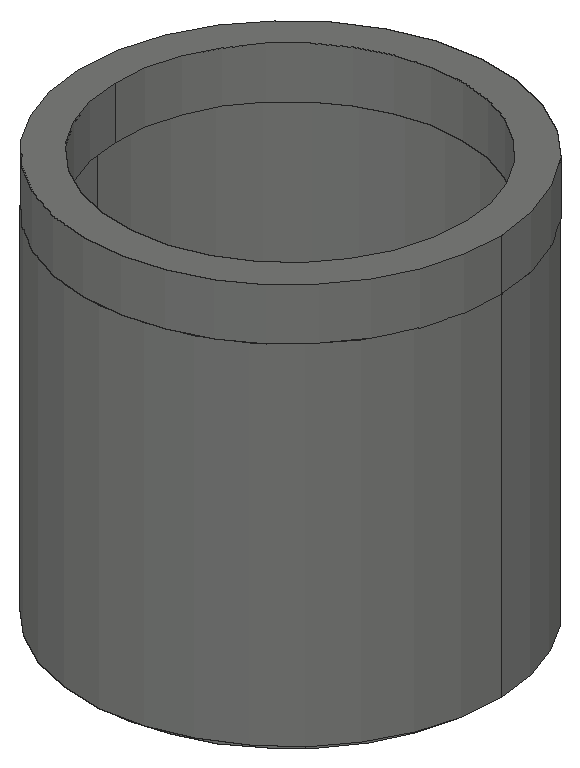
Revit family "Specialty_Equipment-Planter-Planters_Unlimited-Modern-Round-bk5", category Specialty Equipment, Revit 2021
Family settings
  Round Connector Dimension = Use Diameter
  Part Type = Normal
  OmniClass Number = 23.40.05.21.17
  OmniClass Title = Planters
  Work Plane-Based = No
  Always vertical = Yes
  Cut with Voids When Loaded = No
  Shared = No
  Room Calculation Point = No
Parameters (values of type "default load type catalog")
  URL = "https://www.plantersunlimited.com"
  Type Comments = "Round Planter"  # constant formula
  Model = "Modern Series Planters"  # constant formula
  Manufacturer = "Planters Unlimited"  # constant formula
  Description = "Modular Planting Bed"  # constant formula
  Default Elevation = 0' - 0"
  CD_Specification = "https://www.plantersunlimited.com/content/2024-07-10-fg-pu-guide-specifications.pdf"
  CD_Diameter Min = 1' - 6"  # constant formula
  CD_Diameter Max = 6' - 0"  # constant formula
  CD_Requested Diameter = 2' - 0"
  CD_Requested Height = 2' - 0"
  CD_Product Page URL = "https://www.plantersunlimited.com/modern-fiberglass-round-planter/"
  CD_Product Name [instance] = "Modern Planter"  # constant formula
  CD_Offset = 0' - 0"
  CD_Microsite = "https://www.caddetails.com/3404"
  CD_Diameter = if(CD_Requested Diameter < CD_Diameter Min, CD_Diameter Min, if(CD_Requested Diameter > CD_Diameter Max, CD_Diameter Max, CD_Requested Diameter))  # 2' - 0"
  CD_Height Min = 1' - 6"  # constant formula
  CD_Height Max = 4' - 0"  # constant formula
  CD_Height = if(CD_Requested Height < CD_Height Min, CD_Height Min, if(CD_Requested Height > CD_Height Max, CD_Height Max, CD_Requested Height))  # 2' - 0"
  CD_Finish = Plastic-Fiberglass-Carlsbad-Semi_Gloss-Charcoal
  CD_Created By = "CADdetails LTD. 2024"  # constant formula
  CD_Caster Set = yes
  Assembly Code = "G2050600"
Reference planes (in)
  plane 1 "Center (Front/Back)": y = 0
  plane 2: z = 0
  plane 3 "Center (Left/Right)": x = 0
  plane 4 "Left": x = 12
  plane 5 "Right": x = -12
  plane 6 "Front": y = 12
  plane 7 "Back": y = -12
  plane 8 "Top": z = 24
  plane 9 "Bottom of Bin": z = 0
  plane 10 "Bottom of Planter": z = 0
  plane 11 "Bottom of Bed": z = 0.5
  plane 12 "Stiffner": z = 12
Forms (in)
  Extrusion 1, solid, material "Plastic-Fiberglass-Carlsbad-Semi_Gloss-Charcoal" <- "CD_Finish"
    sketch origin (0, 0, 24) x (-1, 0, 0) y (0, -1, 0)
      loop
        circle (0, 0) r 12
      loop
        circle (0, 0) r 11
    from -23.5 to -3
  Extrusion 2, solid, material "Plastic-Fiberglass-Carlsbad-Semi_Gloss-Charcoal" <- "CD_Finish"
    sketch origin (0, 0, 24) x (-1, 0, 0) y (0, -1, 0)
      loop
        circle (0, 0) r 12
      loop
        circle (0, 0) r 10
    from -3 to 0
  Extrusion 3, solid, material "Plastic-Fiberglass-Carlsbad-Semi_Gloss-Charcoal" <- "CD_Finish", detail levels medium+fine
    sketch origin (0, 0, 24) x (-1, 0, 0) y (0, -1, 0)
      loop
        circle (0, 0) r 11.5
    from -23.875 to -23.5
  Extrusion 4, solid, material "Plastic-Fiberglass-Carlsbad-Semi_Gloss-Charcoal" <- "CD_Finish", detail levels fine
    sketch origin (0, 0, 24) x (-1, 0, 0) y (0, -1, 0)
      loop
        circle (0, 0) r 11.5
      loop
        circle (0, 0) r 10.5
    from -12.125 to -12
  Extrusion 5, solid, material "Plastic-Fiberglass-Carlsbad-Semi_Gloss-Charcoal" <- "CD_Finish", detail levels fine
    sketch origin (0, 0, 24) x (-1, 0, 0) y (0, -1, 0)
      loop
        line (1.5, -8) -> (-1.5, -8) -> (-1.5, -11) -> (1.5, -11) -> (1.5, -8)
      loop
        line (1.5, 8) -> (1.5, 11) -> (-1.5, 11) -> (-1.5, 8) -> (1.5, 8)
      loop
        line (11, 1.5) -> (8, 1.5) -> (8, -1.5) -> (11, -1.5) -> (11, 1.5)
      loop
        line (-11, 1.5) -> (-11, -1.5) -> (-8, -1.5) -> (-8, 1.5) -> (-11, 1.5)
    from -24 to -23.875
  Extrusion 6, solid, material "Plastic-Fiberglass-Carlsbad-Semi_Gloss-Charcoal" <- "CD_Finish", detail levels coarse
    sketch origin (0, 0, 24) x (-1, 0, 0) y (0, -1, 0)
      loop
        circle (0, 0) r 11.5
    from -24 to -23.5
Cuts and joins
  joined: Extrusion 1, Extrusion 2
Dimensions and locks (in)
  "CD_Diameter": plane 6 "Front" to plane 7 "Back"
  equal spacing: plane 6 "Front", plane 1 "Center (Front/Back)", plane 7 "Back"
  equal spacing: plane 5 "Right", plane 3 "Center (Left/Right)", plane 4 "Left"
  "CD_Diameter": plane 5 "Right" to plane 4 "Left"
  locked: plane 9 "Bottom of Bin" to level
  "CD_Height": plane 8 "Top" to plane 10 "Bottom of Planter"
  locked: plane 11 "Bottom of Bed" to plane 10 "Bottom of Planter" at 0.5
  "CD_Offset": plane 10 "Bottom of Planter" to level
  equal spacing: plane 8 "Top", plane 12 "Stiffner", level
  locked: plane 8 "Top" to Extrusion 2 at 3
  locked: Extrusion 2 sketch curve to plane 4 "Left" at 2
  locked: plane 5 "Right" to Extrusion 4 sketch curve at 0.5
  locked: plane 12 "Stiffner" to Extrusion 4 at 0.125
  locked: plane 5 "Right" to Extrusion 3 sketch curve at 0.5
  locked: Extrusion 3 to plane 10 "Bottom of Planter" at 0.125
  plane 5 "Right" to Extrusion 5 sketch curve to Extrusion 5 sketch curve = 0' - 1" locked, 0' - 3" locked
  Extrusion 5 sketch curve to Extrusion 5 sketch curve to plane 4 "Left" = 0' - 3" locked, 0' - 1" locked
  plane 6 "Front" to Extrusion 5 sketch curve to Extrusion 5 sketch curve = 0' - 1" locked, 0' - 3" locked
  Extrusion 5 sketch curve to Extrusion 5 sketch curve to plane 7 "Back" = 0' - 3" locked, 0' - 1" locked
  Extrusion 5 sketch curve to plane 3 "Center (Left/Right)" to Extrusion 5 sketch curve = 0' - 1 1/2" locked, 0' - 1 1/2" locked  (x2)
  Extrusion 5 sketch curve to plane 1 "Center (Front/Back)" to Extrusion 5 sketch curve = 0' - 1 1/2" locked, 0' - 1 1/2" locked  (x2)
  locked: plane 5 "Right" to Extrusion 6 sketch curve at 0.5
  locked: plane 6 "Front" to Extrusion 1 sketch curve at 1
  locked: plane 5 "Right" to Extrusion 1 sketch curve at 1
  locked: plane 5 "Right" to Extrusion 4 sketch curve at 1.5
  "CD_Diameter": diameter of Extrusion 1 sketch curve
  "CD_Diameter": diameter of Extrusion 2 sketch curve
  aligned and locked: plane 2 to level
  aligned and locked: plane 3 "Center (Left/Right)" to Extrusion 1 sketch curve
  aligned and locked: plane 1 "Center (Front/Back)" to Extrusion 1 sketch curve
  aligned and locked: plane 11 "Bottom of Bed" to Extrusion 1
  aligned and locked: plane 8 "Top" to Extrusion 2
  aligned and locked: Extrusion 2 to Extrusion 1
  aligned and locked: plane 3 "Center (Left/Right)" to Extrusion 3 sketch curve
  aligned and locked: plane 1 "Center (Front/Back)" to Extrusion 3 sketch curve
  aligned and locked: Extrusion 3 to plane 11 "Bottom of Bed"
  aligned and locked: plane 12 "Stiffner" to Extrusion 4
  aligned and locked: Extrusion 5 to Extrusion 3
  aligned and locked: Extrusion 5 to plane 10 "Bottom of Planter"
  aligned and locked: plane 3 "Center (Left/Right)" to Extrusion 6 sketch curve
  aligned and locked: plane 1 "Center (Front/Back)" to Extrusion 6 sketch curve
  aligned and locked: Extrusion 6 to plane 11 "Bottom of Bed"
  aligned and locked: Extrusion 6 to plane 10 "Bottom of Planter"
Automatic sketch dimensions
  plane 1 "Center (Front/Back)" to Extrusion 4 sketch curve = 0' - 0"
  Extrusion 4 sketch curve to plane 3 "Center (Left/Right)" = 0' - 0"
  Extrusion 4 sketch curve to Extrusion 4 sketch curve = 0' - 0"  (x2)
  Extrusion 1 sketch curve to Extrusion 1 sketch curve = 0' - 0"
  Extrusion 2 sketch curve to Extrusion 2 sketch curve = 0' - 0"  (x2)
  plane 1 "Center (Front/Back)" to Extrusion 2 sketch curve = 0' - 0"
  Extrusion 2 sketch curve to plane 3 "Center (Left/Right)" = 0' - 0"
